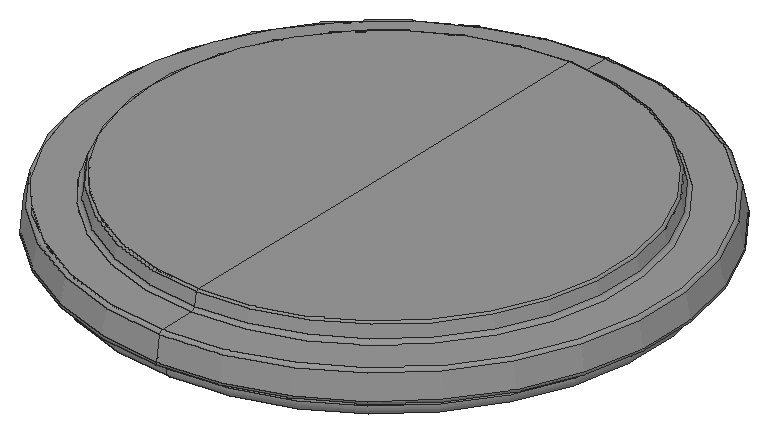
Revit family "FMK13_63_UN_Surface-mounted_ETK", category Lighting Fixtures, Revit 2017 (continued)
Definition of nested family "FMK.1 - Lightsource"
  Types (13, lengths in mm): name | Wattage Comments | Photometric Web File | built-in parameter 1150142 | Apparent Load
      7\t845.6279\t837.2505\t828.7046\r\n820.8892\t808.5294\t794.6828\t780.7313\t766.7399\t753.3042\t736.8157\t717.376\t698.4828\t679.6018\r\n660.7454\t640.362\t616.5052\t593.2118\t569.9003\t546.5645\t521.7449\t492.9603\t464.7713\t436.5529\r\n408.4089\t380.2993\t352.2163\t324.1871\t296.1648\t295.0992\t58.3298\t0\t0\t0\r\n0\t0\t0\t0\t0\t0\r\n874.5378\t873.1787\t871.8906\t869.4225\t865.4741\t861.5098\t853.6663\t845.5419\t837.3296\t828.966\r\n820.9946\t808.168\t794.4658\t780.6698\t766.7676\t753.3828\t735.9125\t717.1808\t698.4002\t679.6289\r\n661.3763\t639.5511\t616.3854\t593.1622\t569.9268\t547.3452\t520.7008\t492.559\t464.4021\t436.3034\r\n408.2306\t380.1924\t352.1746\t324.1506\t296.1435\t291.7229\t42.0496\t0\t0\t0\r\n0\t0\t0\t0\t0\t0\r\n874.5378\t873.1872\t871.8792\t869.3796\t865.4501\t861.5019\t853.6048\t845.4724\t837.3383\t829.125\r\n821.257\t808.0996\t794.2463\t780.4905\t766.783\t753.4813\t735.7151\t717.0553\t698.4012\t679.7154\r\n661.4284\t639.2059\t616.1027\t593.032\t569.9375\t547.3608\t520.2839\t492.1925\t464.1315\t436.0946\r\n408.059\t380.0439\t352.0407\t324.044\t296.0592\t287.2616\t29.2412\t0\t0\t0\r\n0\t0\t0\t0\t0\t0\r\n874.5378\t873.1946\t871.8708\t869.3429\t865.3511\t861.4654\t853.522\t845.3876\t837.3038\t829.213\r\n821.3983\t808.0589\t794.2785\t780.4806\t766.7138\t753.3578\t735.4135\t716.9221\t698.3876\t679.8174\r\n661.6144\t639.1454\t616.089\t593.0322\t569.9791\t547.3253\t519.937\t491.9011\t463.8912\t435.8826\r\n407.9047\t379.9152\t351.9308\t323.9706\t296.0103\t282.4648\t19.3452\t0\t0\t0\r\n0\t0\t0\t0\t0\t0\r\n874.5378\t873.2008\t871.8658\t869.3122\t865.3181\t861.3444\t853.4315\t845.314\t837.1882\t829.0836\r\n821.3316\t807.9939\t794.3269\t780.6068\t766.7932\t753.2953\t735.1635\t716.7098\t698.244\t679.7566\r\n661.541\t638.9137\t615.9516\t592.9558\t569.9576\t547.2581\t519.6607\t491.6764\t463.7221\t435.7385\r\n407.7559\t379.7909\t351.82\t323.8538\t295.9054\t277.7253\t11.876\t0\t0\t0\r\n0\t0\t0\t0\t0\t0\r\n874.5378\t873.2063\t871.8819\t869.2874\t865.299\t861.3052\t853.3055\t845.2393\t837.1371\t829.0142\r\n821.0261\t807.611\t794.0568\t780.5616\t766.9301\t753.4319\t735.1638\t716.7034\t698.239\t679.8087\r\n661.5455\t638.787\t615.8396\t592.8931\t569.9362\t547.1758\t519.4196\t491.4447\t463.4832\t435.5123\r\n407.5575\t379.6062\t351.6484\t323.704\t295.7593\t273.5651\t6.4599\t0\t0\t0\r\n0\t0\t0\t0\t0\t0\r\n874.5378\t873.2105\t871.8807\t869.2628\t865.2938\t861.3005\t853.2621\t845.2028\t837.128\t829.06\r\n821.0427\t807.5309\t793.9063\t780.3313\t766.755\t753.2447\t734.942\t716.5464\t698.1597\t679.7663\r\n661.4406\t638.6005\t615.6694\t592.7384\t569.8083\t546.9635\t519.1064\t491.1625\t463.2285\t435.2879\r\n407.3554\t379.4271\t351.4835\t323.553\t295.6103\t270.2942\t2.8007\t0\t0\t0\r\n0\t0\t0\t0\t0\t0\r\n874.5378\t873.2137\t871.8805\t869.2526\t865.3191\t861.3779\t853.3055\t845.2304\t837.1334\t829.0749\r\n821.0348\t807.4942\t793.9368\t780.3801\t766.8224\t753.2824\t734.9445\t716.5876\t698.2309\t679.8615\r\n661.5194\t638.5978\t615.6583\t592.7294\t569.7867\t546.8703\t518.9484\t491.0018\t463.0691\t435.1272\r\n407.1843\t379.2411\t351.3004\t323.3593\t295.4183\t268.1597\t0.6894\t0\t0\t0\r\n0\t0\t0\t0\t0\t0\r\n874.5378\t873.2162\t871.8817\t869.2512\t865.3246\t861.398\t853.3139\t845.2299\t837.1587\t829.0747\r\n820.9909\t807.4275\t793.8644\t780.3012\t766.7379\t753.1619\t734.7868\t716.3988\t698.0109\t679.6229\r\n661.2479\t638.3686\t615.4767\t592.5977\t569.7187\t546.8395\t518.879\t490.9314\t462.9709\t435.0106\r\n407.0501\t379.1025\t351.142\t323.1814\t295.2209\t267.2733\t0\t0\t0\t0\r\n0\t0\t0\t0\t0\t0\r\n874.5378\t873.2174\t871.8842\t869.2581\t865.33\t861.4047\t853.311\t845.2056\t837.0739\t828.9462\r\n820.8403\t807.3318\t793.812\t780.2968\t766.7726\t753.2824\t734.8778\t716.4489\t698.0158\t679.5644\r\n661.1377\t638.226\t615.3145\t592.3919\t569.4886\t546.6473\t518.7089\t490.7526\t462.7876\t434.832\r\n406.8651\t378.8974\t350.9408\t322.9721\t295.0166\t267.7135\t0.6882\t0\t0\t0\r\n0\t0\t0\t0\t0\t0\r\n874.5378\t873.2177\t871.8879\t869.2735\t865.3469\t861.3799\t853.2844\t845.155\t837.0176\t828.8619\r\n820.7739\t807.3132\t793.8041\t780.2628\t766.7183\t753.2454\t734.8257\t716.3247\t697.8308\t679.3293\r\n660.9416\t638.108\t615.1923\t592.2845\t569.3639\t546.5397\t518.6258\t490.6343\t462.6452\t434.6416\r\n406.6545\t378.671\t350.6837\t322.6904\t294.7068\t269.3434\t2.7907\t0\t0\t0\r\n0\t0\t0\t0\t0\t0\r\n874.5378\t873.2169\t871.8926\t869.3412\t865.3486\t861.3804\t853.3\t845.1503\t837.0129\t828.8406\r\n820.781\t807.3419\t793.7647\t780.1949\t766.6136\t753.1874\t734.828\t716.2947\t697.7396\t679.1926\r\n660.798\t638.0135\t615.0616\t592.1117\t569.1699\t546.4236\t518.594\t490.5681\t462.5307\t434.4953\r\n406.4633\t378.4463\t350.4245\t322.4064\t294.4018\t272.1014\t6.4249\t0\t0\t0\r\n0\t0\t0\t0\t0\t0\r\n874.5378\t873.2152\t871.9278\t869.3558\t865.3439\t861.3861\t853.3487\t845.1726\t836.967\t828.727\r\n820.664\t807.3077\t793.6823\t780.0565\t766.3986\t753.0359\t734.7796\t716.1724\t697.5441\t678.9154\r\n660.5438\t637.9001\t614.9125\t591.9018\t568.8701\t546.1409\t518.4497\t490.3558\t462.2465\t434.1892\r\n406.1466\t378.1144\t350.0904\t322.0724\t294.0605\t275.7519\t11.7902\t0\t0\t0\r\n0\t0\t0\t0\t0\t0\r\n874.5378\t873.2125\t871.9301\t869.3625\t865.3333\t861.4025\t853.3886\t845.1642\t836.8993\t828.5519\r\n820.5008\t807.2182\t793.5762\t779.9097\t766.2426\t752.8677\t734.7486\t716.0623\t697.3795\t678.6902\r\n660.3598\t637.8116\t614.703\t591.6\t568.5132\t545.9536\t518.4934\t490.3721\t462.235\t434.1121\r\n405.9648\t377.8798\t349.8149\t321.752\t293.7119\t279.934\t19.1677\t0\t0\t0\r\n0\t0\t0\t0\t0\t0\r\n874.5378\t873.2087\t871.9283\t869.3615\t865.3142\t861.4034\t853.4312\t845.153\t836.7716\t828.2778\r\n820.2997\t807.3122\t793.6719\t779.8871\t766.0274\t752.6458\t734.7694\t716.0323\t697.2557\t678.4638\r\n660.1817\t637.9182\t614.73\t591.4671\t568.2176\t545.5107\t518.3416\t490.1876\t462.0312\t433.8869\r\n405.7513\t377.6234\t349.5079\t321.3916\t293.2989\t284.1544\t28.9161\t0\t0\t0\r\n0\t0\t0\t0\t0\t0\r\n874.5378\t873.2038\t871.9226\t869.3526\t865.2926\t861.396\t853.4883\t845.0821\t836.5563\t828.1191\r\n820.3394\t807.5393\t793.6652\t779.7566\t765.8495\t752.4732\t734.8709\t715.9857\t697.1124\t678.2287\r\n659.8486\t637.8277\t614.451\t591.1489\t567.8835\t545.2682\t518.535\t490.2868\t462.0508\t433.819\r\n405.599\t377.4086\t349.2259\t321.0734\t292.9314\t288.0436\t41.5021\t0\t0\t0\r\n0\t0\t0\t0\t0\t0\r\n874.5378\t873.1653\t871.9129\t869.3206\t865.2668\t861.4007\t853.4932\t844.934\t836.47\t828.0812\r\n820.2094\t807.6214\t793.6578\t779.6636\t765.5934\t752.0593\t735.5085\t715.9368\t696.9351\t677.8584\r\n658.7356\t638.292\t614.4044\t591.0443\t567.6866\t544.304\t519.3028\t490.3332\t461.9982\t433.6833\r\n405.3974\t377.1517\t348.9276\t320.723\t292.5515\t290.8817\t57.4609\t0\t0\t0\r\n0\t0\t0\t0\t0\t0\r\n874.5378\t873.1594\t871.8996\t869.3025\t865.2375\t861.3385\t853.4196\t844.908\t836.4832\t827.9292\r\n819.9316\t807.7258\t793.6464\t779.4456\t765.2737\t751.0757\t735.6312\t715.9911\t696.7548\t677.5122\r\n658.3453\t638.4048\t614.4245\t590.8503\t567.3218\t543.8124\t519.3638\t490.4245\t462.0381\t433.6563\r\n405.2967\t376.956\t348.6364\t320.3659\t292.1286\t291.9233\t77.4293\t0\t0\t0\r\n0\t0\t0\t0\t0\t0\r\n874.5378\t873.1534\t871.8827\t869.2822\t865.215\t861.238\t853.4466\t844.9759\t836.4204\t827.7241\r\n818.9191\t808.4396\t793.5628\t779.3941\t765.1038\t750.8009\t735.6841\t715.8661\t696.6742\t677.3612\r\n657.9261\t638.2092\t614.3411\t590.6648\t567.015\t543.4159\t519.4623\t490.6092\t462.0416\t433.4799\r\n405.0336\t376.6498\t348.2942\t319.9803\t291.7083\t263.4712\t160.4034\t0\t0\t0\r\n0\t0\t0\t0\t0\t0\r\n874.5378\t873.1477\t871.8619\t869.2593\t865.1716\t861.0587\t853.5235\t845.0092\t836.3294\t827.5569\r\n818.5312\t808.4001\t793.7203\t779.3638\t764.9143\t750.195\t735.4562\t716.0883\t696.5906\t677.0308\r\n657.4478\t637.9207\t614.2992\t590.5998\t566.774\t542.8288\t519.1553\t490.67\t462.0466\t433.4484\r\n404.8989\t376.4164\t347.9938\t319.613\t291.2777\t263.0144\t184.51\t0\t0\t0\r\n0\t0\t0\t0\t0\t0\r\n874.5378\t873.1423\t871.8214\t869.2343\t865.1225\t860.9335\t854.1648\t845.025\t836.2902\t827.3501\r\n818.0969\t808.537\t793.8403\t779.2954\t764.5287\t749.9304\t735.4085\t716.1846\t696.4574\t676.7315\r\n656.9624\t637.7089\t614.426\t590.2698\t566.3735\t542.4149\t518.8773\t490.8972\t462.1599\t433.4591\r\n404.7836\t376.1976\t347.6786\t319.2432\t290.8385\t262.4971\t206.9558\t0\t0\t0\r\n0\t0\t0\t0\t0\t0\r\n874.5378\t873.1371\t871.7974\t869.2045\t865.0709\t860.8053\t854.2772\t845.095\t836.2942\t827.0798\r\n817.8728\t808.475\t793.9383\t779.1604\t764.5213\t749.55\t734.9988\t716.2734\t696.4663\t676.581\r\n656.5889\t636.4035\t615.0402\t590.3719\t566.1577\t541.9601\t518.3775\t491.169\t462.2869\t433.4958\r\n404.7142\t375.9673\t347.3617\t318.8732\t290.4122\t262.0192\t226.7248\t0\t0\t0\r\n0\t0\t0\t0\t0\t0\r\n874.5378\t873.1321\t871.7723\t869.1765\t865.0118\t860.1806\t854.362\t845.25\t836.2505\t826.93\r\n817.5699\t808.2184\t794.0459\t779.3879\t764.3095\t749.0823\t733.7856\t717.1666\t696.5144\t676.2573\r\n656.1331\t635.9858\t615.1213\t590.3305\t565.9234\t541.5204\t517.1911\t492.0191\t462.4518\t433.5271\r\n404.7176\t375.8832\t347.0934\t318.4429\t289.9088\t261.4666\t242.4907\t0\t0\t0\r\n0\t0\t0\t0\t0\t0\r\n874.5378\t873.1276\t871.7463\t869.1475\t865.1507\t860.059\t854.4649\t845.3869\t836.1791\t826.8843\r\n817.1853\t807.8265\t794.4898\t779.3946\t764.1011\t748.7048\t733.2358\t717.1317\t696.5003\t676.2439\r\n655.8685\t635.3524\t614.9014\t590.4089\t565.8118\t541.1035\t516.5141\t492.0967\t462.8679\t433.6426\r\n404.5624\t375.6186\t346.7992\t318.0818\t289.4678\t260.9595\t252.9585\t20.8546\t0\t0\r\n0\t0\t0\t0\t0\t0\r\n874.5378\t873.1239\t871.7193\t869.1177\t865.1083\t859.9445\t854.5656\t845.5213\t836.2176\t826.7529\r\n816.8356\t806.7715\t795.3953\t779.4412\t763.9771\t748.401\t732.6044\t716.8924\t696.7922\t676.2588\r\n655.5476\t634.8207\t614.4939\t590.5547\t565.6334\t540.9101\t516.0191\t491.6092\t463.0361\t433.7875\r\n404.6152\t375.564\t346.5899\t317.7396\t289.041\t260.4697\t256.5419\t50.1377\t0\t0\r\n0\t0\t0\t0\t0\t0\r\n874.5378\t873.1205\t871.6917\t869.088\t865.0614\t859.8254\t854.696\t845.6292\t836.3411\t826.5904\r\n816.5157\t806.4174\t795.3129\t779.5699\t763.935\t748.09\t732.0432\t716.4675\t697.1364\t676.2838\r\n655.3747\t634.3634\t613.1904\t591.2615\t565.7319\t540.5021\t515.3078\t490.357\t464.0817\t434.0702\r\n404.678\t375.4752\t346.3727\t317.3755\t288.5998\t260.0059\t231.5276\t139.1196\t0\t0\r\n0\t0\t0\t0\t0\t0\r\n874.5378\t873.1177\t871.6635\t869.0711\t864.9875\t859.7376\t854.7265\t845.8345\t836.4197\t826.4806\r\n816.3763\t805.8271\t795.1493\t779.78\t763.9449\t747.8715\t731.5665\t715.166\t697.934\t676.4773\r\n655.282\t633.8937\t612.5424\t591.1011\t565.5151\t540.2392\t514.9713\t489.6705\t464.1712\t434.3641\r\n404.731\t375.3413\t346.1916\t317.1283\t288.2271\t259.5707\t231.0395\t174.8013\t0\t0\r\n0\t0\t0\t0\t0\t0\r\n874.5378\t873.116\t871.6347\t869.0359\t864.9399\t859.6699\t854.6911\t846.1371\t836.4834\t826.4067\r\n816.1692\t805.3173\t794.7319\t780.0969\t764.0892\t747.6697\t731.16\t714.4374\t697.8291\t676.7816\r\n655.2197\t633.5857\t611.8363\t590.2859\t565.8254\t540.2301\t514.5244\t488.963\t463.7469\t434.6274\r\n404.9771\t375.3701\t346.1398\t317.0251\t288.0575\t259.1972\t230.5239\t201.8916\t0\t0\r\n0\t0\t0\t0\t0\t0\r\n874.5378\t873.1148\t871.6158\t868.9965\t864.8958\t859.6228\t854.5539\t846.9346\t836.6099\t826.434\r\n815.8987\t804.8756\t793.4616\t781.0043\t764.1974\t747.5878\t730.8089\t713.8387\t697.2788\t677.7096\r\n655.2755\t633.3498\t611.2471\t589.1307\t566.4573\t540.1616\t514.2104\t488.2458\t462.4791\t435.5946\r\n405.4232\t375.8301\t346.2261\t316.7072\t287.5218\t258.6241\t229.9821\t218.3677\t1.4181\t0\r\n0\t0\t0\t0\t0\t0\r\n874.5378\t873.1148\t871.4135\t868.9531\t864.8549\t859.6285\t853.8801\t847.1239\t836.7793\t826.5441\r\n815.7209\t804.4914\t792.8131\t780.9909\t764.4069\t747.6091\t730.5763\t713.3911\t695.7965\t677.7394\r\n655.5639\t633.3302\t610.8652\t588.3311\t566.0526\t540.2697\t513.9696\t487.7843\t461.8169\t436.139\r\n405.9376\t375.7012\t345.8734\t316.3979\t287.1674\t258.2025\t229.5371\t201.0972\t32.7229\t0\r\n0\t0\t0\t0\t0\t0\r\n874.5378\t873.1157\t871.3857\t868.9059\t864.8122\t859.6005\t853.7184\t847.1913\t837.0206\t826.6294\r\n815.616\t804.1579\t792.2489\t780.4548\t765.3739\t747.7684\t730.5646\t712.9603\t694.896\t677.3758\r\n656.0919\t633.3533\t610.5914\t587.7431\t564.6955\t540.9183\t514.0502\t487.6357\t461.3264\t435.1559\r\n405.9745\t375.8016\t345.8653\t316.2427\t286.935\t257.8439\t229.0565\t200.5588\t121.0597\t0\r\n0\t0\t0\t0\t0\t0\r\n874.5378\t873.1177\t871.3597\t868.8558\t864.7772\t859.7448\t853.6086\t847.202\t837.3244\t826.7335\r\n815.5778\t803.8469\t791.7841\t779.024\t765.575\t748.0615\t730.6251\t712.4963\t694.3063\t675.9674\r\n656.8183\t633.6318\t610.607\t587.2134\t563.8414\t540.7799\t514.3458\t487.3942\t460.3847\t433.6203\r\n406.7012\t376.1007\t346.025\t316.1688\t286.6386\t257.483\t228.6307\t200.1164\t160.7352\t0\r\n0\t0\t0\t0\t0\t0\r\n874.5378\t873.1212\t871.3356\t868.8035\t864.7448\t859.719\t853.4741\t847.1241\t838.2115\t826.9282\r\n815.6445\t803.6467\t791.2839\t778.254\t765.3459\t748.6475\t730.727\t712.354\t693.8963\t675.1001\r\n656.3422\t634.29\t610.6206\t586.987\t563.2278\t539.5079\t514.9576\t487.2022\t460.0115\t432.8361\r\n406.3086\t376.5481\t346.1577\t316.142\t286.4688\t257.1646\t228.2272\t199.6965\t184.1784\t0\r\n0\t0\t0\t0\t0\t0\r\n874.5378\t873.1145\t871.314\t868.7321\t864.7135\t859.6655\t853.3469\t846.9525\t838.4615\t827.1968\r\n815.7365\t803.6001\t790.8859\t777.6638\t764.0429\t749.641\t730.8533\t712.4239\t693.6634\t674.2428\r\n654.8376\t634.939\t611.0564\t586.9622\t562.8648\t538.5218\t514.5308\t487.5065\t459.793\t432.2548\r\n404.8905\t377.3325\t346.4513\t316.1859\t286.3269\t256.9216\t227.9008\t199.2861\t171.0833\t13.5537\r\n0\t0\t0\t0\t0\t0\r\n874.5378\t873.121\t871.2949\t868.6813\t864.6788\t859.6312\t853.2314\t846.1805\t838.5617\t827.5539\r\n815.8193\t803.5894\t790.5657\t777.1774\t763.3604\t749.328\t731.42\t712.6464\t693.4122\t673.7662\r\n653.9971\t634.2925\t612.1104\t587.234\t562.5508\t537.8733\t513.1983\t488.0585\t459.8235\t431.9327\r\n404.1247\t376.8938\t346.8206\t316.3736\t286.2989\t256.6393\t227.5328\t198.9022\t170.7269\t95.826\r\n0\t0\t0\t0\t0\t0\r\n874.5378\t873.1291\t871.2788\t868.6317\t864.6465\t859.5948\t853.1034\t845.9697\t838.5155\t828.5216\r\n816.0557\t803.6552\t790.4234\t776.8017\t762.6863\t747.6885\t732.3331\t713.1796\t693.4286\t673.628\r\n653.1886\t632.5632\t611.9623\t587.64\t562.6594\t537.6045\t512.3105\t487.0388\t460.2501\t431.7975\r\n403.4774\t375.5256\t347.5951\t316.5358\t286.2562\t256.4913\t227.2516\t198.5803\t170.4139\t138.7329\r\n0\t0\t0\t0\t0\t0\r\n874.5378\t873.1388\t871.2657\t868.5826\t864.6294\t859.5546\t853.1889\t845.8159\t838.3052\t828.8487\r\n816.422\t803.8295\t790.4635\t776.5827\t762.0723\t746.82\t731.8552\t714.2479\t693.7426\t673.5293\r\n652.767\t631.6128\t610.3441\t588.5692\t563.178\t537.5467\t511.8293\t486.0864\t460.5385\t431.7477\r\n403.1944\t374.7977\t346.5468\t316.9346\t286.3472\t256.3941\t227.0229\t198.2733\t170.0903\t157.0797\r\n0\t0\t0\t0\t0\t0\r\n874.5378\t873.1505\t871.256\t868.5337\t864.5865\t859.5105\t853.1272\t845.68\t837.4588\t828.8802\r\n817.4628\t804.0723\t790.6168\t776.5061\t761.5862\t746.234\t730.4012\t714.0986\t694.4553\t673.7138\r\n652.6378\t631.1459\t609.1639\t587.2184\t564.3104\t537.9385\t511.6362\t485.4307\t458.9262\t432.5432\r\n403.2478\t374.1903\t345.588\t317.4117\t286.5868\t256.3884\t226.8101\t197.9286\t169.7587\t142.2332\r\n15.3877\t0\t0\t0\t0\t0\r\n874.5378\t873.1636\t871.2498\t868.4851\t864.5387\t859.4745\t853.0702\t845.5771\t837.2036\t828.5819\r\n817.8174\t804.487\t790.9119\t776.5205\t761.2558\t745.6894\t729.579\t712.5164\t695.2834\t674.1984\r\n652.6249\t630.8842\t608.6019\t586.018\t563.8156\t539.0285\t511.9566\t485.117\t458.2418\t431.4959\r\n403.7599\t374.021\t344.904\t316.2618\t286.9509\t256.4055\t226.6742\t197.7113\t169.4703\t141.9483\r\n95.6387\t0\t0\t0\t0\t0\r\n874.5378\t873.5098\t871.2267\t868.278\t864.4866\t859.4118\t853.0367\t845.6354\t837.0122\t827.6477\r\n817.9097\t805.561\t791.3484\t776.6668\t761.2566\t745.4178\t728.9\t711.6739\t693.8556\t675.3117\r\n653.3052\t630.8282\t608.2066\t585.2483\t561.936\t538.7421\t512.7239\t485.3117\t457.9568\t430.4454\r\n403.4266\t374.1861\t344.6473\t315.3828\t286.9586\t256.6718\t226.6229\t197.4194\t169.169\t141.7479\r\n125.3471\t0\t0\t0\t0\t0\r\n874.5378\t873.5227\t871.2275\t868.2453\t864.431\t859.3441\t852.9896\t845.4866\t836.8872\t827.3282\r\n817.6471\t805.9092\t791.9213\t776.9897\t761.5455\t745.4342\t728.4893\t711.049\t692.69\t673.8086\r\n654.4018\t631.5171\t608.3001\t584.9162\t560.8979\t536.9279\t513.0703\t486.0902\t458.028\t430.067\r\n402.1238\t374.5874\t344.6359\t314.9025\t285.7982\t257.0599\t226.6311\t197.3071\t168.8828\t141.4334\r\n114.8731\t0\t0\t0\t0\t0\r\n874.5378\t873.5349\t871.2334\t868.2237\t864.3725\t859.2714\t852.9462\t845.3866\t836.9784\t827.1172\r\n816.6734\t805.8343\t792.8486\t777.4676\t761.9559\t745.6219\t728.3185\t710.6289\t691.924\t672.6898\r\n652.8374\t632.3913\t608.8941\t584.91\t560.5142\t536.0413\t511.0861\t486.3543\t458.9473\t430.3095\r\n401.9068\t373.1601\t345.0868\t314.9285\t285.0522\t256.0766\t226.8682\t197.1838\t168.6311\t141.1251\r\n114.6214\t60.2228\t0\t0\t0\t0\r\n874.5378\t873.5458\t871.2448\t868.2083\t864.3112\t859.1953\t852.8983\t845.2954\t836.8971\t827.1911\r\n816.3399\t804.9019\t792.8084\t778.5099\t762.5278\t746.0604\t728.5511\t710.5034\t691.4999\t672.0505\r\n651.8754\t630.8979\t609.8459\t585.4278\t560.7367\t535.6639\t510.2662\t484.5213\t459.1174\t432.045\r\n401.8711\t372.6592\t343.8669\t315.2541\t284.9713\t255.3465\t226.7838\t197.2532\t168.4032\t140.7993\r\n114.2915\t96.6496\t0\t0\t0\t0\r\n874.5378\t873.5557\t871.2622\t868.2096\t864.1101\t859.1164\t852.8482\t845.2125\t836.8076\t827.1135\r\n816.0988\t804.5976\t791.8516\t778.5898\t763.6657\t746.7498\t729.1884\t710.6738\t691.4724\t671.6182\r\n651.2187\t629.8478\t608.131\t585.9732\t561.9811\t535.8747\t509.8258\t483.6913\t457.3199\t430.6847\r\n402.9534\t372.8541\t343.2873\t314.2282\t285.4745\t255.0861\t225.7388\t197.5241\t168.3476\t140.4965\r\n113.9128\t88.563\t0\t0\t0\t0\r\n874.5378\t873.5644\t871.285\t868.223\t864.0799\t859.0026\t852.7954\t845.1374\t836.7131\t827.023\r\n816.1214\t804.415\t791.466\t777.7002\t763.6838\t747.8125\t730.5324\t711.2154\t691.8818\t671.5319\r\n650.8249\t629.3124\t607.0958\t584.2255\t561.0655\t
